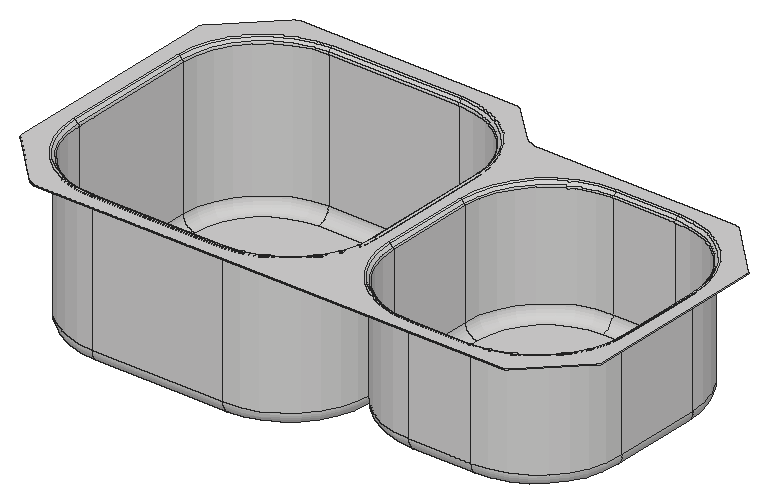
Revit family "Sink-Kitchen-KOHLER-Undertone-K-3356", category Plumbing Fixtures, host Face, Revit 2015
Parameters (values of type "Kitchen Sink, NA-Stainless")
  Width = 20 1/8"  # constant formula
  Waste Water Outlet = "Waste Water Outlet"  # constant formula
  Waste Connection = 1 = 1  # yes
  Vent Connection = 1 = 0  # no
  URL = "https://www.us.kohler.com/us/"
  Type = 1
  Rack [instance] = or(Type = 2)  # no
  Product Page URL = "http://www.us.kohler.com/us/catalog/productDetails.jsp?productNumber=3356"
  Product Name = "Undertone"  # constant formula
  Product Documentation Link = "http://www.us.kohler.com/onlinecatalog/pdf/K-3356_spec.pdf"
  Model = if(Type = 1, "K-3356-NA", if(Type = 2, "K-3356-HCF-NA", "NA"))  # "K-3356-NA"
  Material = "18-Gauge Stainless Steel"  # constant formula
  MasterFormat 2004 = "22.41.16"  # constant formula
  MasterFormat 1995 = "15410"  # constant formula
  Manufacturer Address = "444 Highland Dr, Kohler, WI 53044"  # constant formula
  Manufacturer = "KOHLER Co."  # constant formula
  Length = 35 1/8"  # constant formula
  Hot Water Inlet = "Hot Water Inlet"  # constant formula
  Height = 9 3/4"  # constant formula
  HW Connection = 1 = 0  # no
  Finish = Kohler-Metal-NA-Stainless
  Environmental Product Declaration = ""
  Drain Included = 1 = 0  # no
  Description = if(Type = 1, "35-1/8 inch x 20-1/8 inch x 9-3/4 inch under-mount extra large/medium double-bowl kitchen sink", if(Type = 2, "Preserve 35-1/8 inch x 20-1/8 inch x 9-3/4 inch under-mount extra large/medium double-bowl kitchen sink", "NA"))  # "35-1/8 inch x 20-1/8 inch x 9-3/4 inch under-mount extra large/medium double-bowl kitchen sink"
  Default Elevation = 36"
  Declare Label = ""
  Date Modified = "12/14/2018"  # constant formula
  Date Created = "12/14/2018"  # constant formula
  Copyright = "Copyright KOHLER Co."  # constant formula
  Contact Us = "https://www.us.kohler.com/us/static/contact.jsp"
  Cold Water Inlet = "Cold Water Inlet"  # constant formula
  CW Connection = 1 = 0  # no
  Assembly Code = "D2010400"
  ADA Compliant = 1 = 0  # no
Reference planes (in)
  plane 1 "Center (Front/Back)": y = 0
  plane 2: z = 0
  plane 3 "Center (Left/Right)": x = 0
  plane 4: x = -27.125
  plane 5: x = 8
  plane 6: y = 11.3125
  plane 7: y = -8.8125
  plane 8: z = -10.702
  plane 9: z = -8.702
  plane 10: x = -17.0625
  plane 11: y = 8.8125
  plane 12: y = 4.74048
  plane 13: z = -0.952
Forms (in)
  Extrusion 1, void
    sketch origin (0, 0, 0) x (1, 0, 0) y (0, 1, 0)
      loop
        arc (-23.68179, 11.3125) -> (-23.86443, 11.27617) -> (-24.01927, 11.17271) r 0.47727
        line (-24.01927, 11.17271) -> (-26.99216, 8.19982)
        arc (-26.99216, 8.19982) -> (-27.09048, 8.05268) -> (-27.125, 7.87912) r 0.45355
        line (-27.125, 7.87912) -> (-27.125, -5.36847)
        arc (-27.125, -5.36847) -> (-27.08851, -5.55191) -> (-26.9846, -5.70743) r 0.47937
        line (-26.9846, -5.70743) -> (-24.00565, -8.68638)
        arc (-24.00565, -8.68638) -> (-23.86595, -8.77972) -> (-23.70116, -8.8125) r 0.43061
        line (-23.70116, -8.8125) -> (4.54841, -8.8125)
        arc (4.54841, -8.8125) -> (4.73975, -8.77444) -> (4.90196, -8.66605) r 0.5
        line (4.90196, -8.66605) -> (7.86041, -5.7076)
        arc (7.86041, -5.7076) -> (7.96372, -5.55299) -> (8, -5.37061) r 0.47658
        line (8, -5.37061) -> (8, 5.37005)
        arc (8, 5.37005) -> (7.96363, 5.55291) -> (7.86004, 5.70793) r 0.47784
        line (7.86004, 5.70793) -> (4.88523, 8.68274)
        arc (4.88523, 8.68274) -> (4.74151, 8.77878) -> (4.57197, 8.8125) r 0.44302
        line (4.57197, 8.8125) -> (-7.30321, 8.8125)
        arc (-7.30321, 8.8125) -> (-7.87723, 8.92668) -> (-8.36387, 9.25184) r 1.5
        line (-8.36387, 9.25184) -> (-10.286, 11.17397)
        arc (-10.286, 11.17397) -> (-10.43944, 11.2765) -> (-10.62044, 11.3125) r 0.47297
        line (-10.62044, 11.3125) -> (-23.68179, 11.3125)
    from -13.5173 to -0.952
  Extrusion 2, void
    sketch origin (0, 0, 0) x (1, 0, 0) y (0, 1, 0)
      loop
        arc (-20.99924, 10.07379) -> (-24.45493, 8.6424) -> (-25.88633, 5.18671) r 4.88709
        line (-25.88633, 5.18671) -> (-25.88633, -2.68675)
        arc (-25.88633, -2.68675) -> (-24.45493, -6.14244) -> (-20.99924, -7.57384) r 4.88709
        line (-20.99924, -7.57384) -> (-13.12576, -7.57384) -> (1.87617, -7.57384)
        arc (1.87617, -7.57384) -> (5.39036, -6.11821) -> (6.84598, -2.60403) r 4.96981
        line (6.84598, -2.60403) -> (6.84598, 2.68867)
        arc (6.84598, 2.68867) -> (5.39036, 6.20286) -> (1.87617, 7.65848) r 4.96981
        line (1.87617, 7.65848) -> (-7.03507, 7.65848)
        arc (-7.03507, 7.65848) -> (-8.5096, 7.94018) -> (-9.77644, 8.74559) r 4
        arc (-9.77644, 8.74559) -> (-11.32423, 9.72962) -> (-13.12576, 10.07379) r 4.88709
        line (-13.12576, 10.07379) -> (-20.99924, 10.07379)
    from -0.952 to 0.63812
Dimensions and locks (in)
  "Width": plane 6 to plane 7
  "Length": plane 4 to plane 5
  locked: plane 11 to plane 1 "Center (Front/Back)" at 8.8125
  locked: plane 4 to plane 10 at 10.0625
  plane 6 to plane 12 = 6.57202"
  plane 11 to plane 7 = 17 5/8"
  plane 10 to plane 3 "Center (Left/Right)" = 17 1/16"
  plane 13 to plane 9 = 7 3/4"
  "Height": plane 13 to plane 8
  nested 1 to plane 6 = 11 5/16"
  aligned and locked: plane 2 to host face
  aligned and locked: level to host face
Automatic sketch dimensions
  host sketch curve to host sketch curve = 96"  (x2)
  Extrusion 1 sketch curve to plane 4 = 0"
  Extrusion 1 sketch curve to plane 7 = 0"
  Extrusion 1 sketch curve to plane 6 = 0"
  Extrusion 1 sketch curve to plane 11 = 0"
  Extrusion 1 sketch curve to plane 5 = 0"
  plane 4 to Extrusion 1 sketch curve = 0.13284"
  plane 4 to Extrusion 1 sketch curve = 0.1404"
  Extrusion 1 sketch curve to Extrusion 1 sketch curve = 0.32071"
  Extrusion 1 sketch curve to Extrusion 1 sketch curve = 0.47937"
  Extrusion 1 sketch curve to plane 6 = 0.13979"
  plane 4 to Extrusion 1 sketch curve = 3.10573"
  plane 7 to Extrusion 1 sketch curve = 0.12612"
  plane 4 to Extrusion 1 sketch curve = 3.11935"
  Extrusion 1 sketch curve to Extrusion 1 sketch curve = 0.30449"
  Extrusion 1 sketch curve to Extrusion 1 sketch curve = 0.33748"
  plane 10 to Extrusion 1 sketch curve = 6.44206"
  Extrusion 1 sketch curve to plane 6 = 0.13853"
  Extrusion 1 sketch curve to Extrusion 1 sketch curve = 0.33444"
  plane 11 to Extrusion 1 sketch curve = 0.43934"
  Extrusion 1 sketch curve to Extrusion 1 sketch curve = 1.92213"
  Extrusion 1 sketch curve to Extrusion 1 sketch curve = 1.06066"
  Extrusion 1 sketch curve to plane 5 = 3.45159"
  Extrusion 1 sketch curve to plane 11 = 0.44302"
  Extrusion 1 sketch curve to plane 5 = 3.42803"
  Extrusion 1 sketch curve to plane 11 = 0.12976"
  plane 7 to Extrusion 1 sketch curve = 0.14645"
  Extrusion 1 sketch curve to Extrusion 1 sketch curve = 0.35355"
  Extrusion 1 sketch curve to plane 5 = 0.47784"
  Extrusion 1 sketch curve to plane 5 = 0.47658"
  Extrusion 1 sketch curve to plane 5 = 0.13996"
  Extrusion 1 sketch curve to plane 5 = 0.13959"
  plane 7 to Extrusion 1 sketch curve = 3.1049"
  plane 7 to Extrusion 1 sketch curve = 3.10507"
  plane 12 to Extrusion 1 sketch curve = 0.62957"
  Extrusion 1 sketch curve to plane 11 = 0.93338"
  plane 4 to Extrusion 2 sketch curve = 1.23867"
  plane 1 "Center (Front/Back)" to Extrusion 2 sketch curve = 2.68675"
  plane 12 to Extrusion 2 sketch curve = 0.44623"  (x2)
  Extrusion 2 sketch curve to plane 10 = 3.93674"
  plane 10 to Extrusion 2 sketch curve = 3.93674"  (x2)
  Extrusion 2 sketch curve to plane 11 = 1.15402"
  Extrusion 2 sketch curve to Extrusion 2 sketch curve = 6.09069"
  plane 3 "Center (Left/Right)" to Extrusion 2 sketch curve = 1.87617"  (x2)
  Extrusion 2 sketch curve to plane 5 = 1.15402"
  plane 6 to Extrusion 2 sketch curve = 0.34598"
  plane 7 to Extrusion 2 sketch curve = 1.23866"
Nested families (in)
  nested 1: "K-3356" at (0, 0, -0.952), type "K-3356"
Connectors (in)
  piping at (-17.0625, 4.6875, -13.5173), diameter 1.5, driven by "Waste Connection", driven by "Waste Water Outlet"
    settings: on nested 1, index 1, connector inside diameter 24", connector length 0", flow factor 0, pipe flow 0 GPM, pressure drop 0.00 psi, fitting loss kfactor 0, connector angle 0.00°, fixture units 0, engagement length 0", angle of deflection 0.00°, flow configuration 0, flow direction 2, fitting loss method 0, system type 16, joint type 0, gender type 0, connector reference index -1, connector utility 1, adjustable connector no, is connector primary yes, connector description "Waste Water Outlet"
  piping at (0, 0, -11.45208), diameter 1.5, driven by "Waste Connection", driven by "Waste Water Outlet"
    settings: on nested 1, index 2, connector inside diameter 24", connector length 0", flow factor 0, pipe flow 0 GPM, pressure drop 0.00 psi, fitting loss kfactor 0, connector angle 0.00°, fixture units 0, engagement length 0", angle of deflection 0.00°, flow configuration 0, flow direction 2, fitting loss method 0, system type 16, joint type 0, gender type 0, connector reference index -1, connector utility 1, adjustable connector no, is connector primary no, connector description "Waste Water Outlet"
Definition of nested family "K-3356"
  Parameters (values of type "K-3356")
    Rack = yes
    Material = none
  Reference planes (in)
    plane 1 "Center (Front/Back)": y = 0
    plane 2: z = 0
    plane 3 "Center (Left/Right)": x = 0
    plane 4: y = 8.8125
    plane 5: y = -8.8125
    plane 6: y = 11.3125
    plane 7: x = -27.125
    plane 8: x = -17.0625
    plane 9: x = 8
    plane 10: y = 7.6875
    plane 11: y = 10.1875
    plane 12: z = -9.75
    plane 13: z = -7.75
    plane 14: y = 4.6875
  Forms (in)
    Sweep 1, solid, material <- "Material", detail levels medium+fine
      path origin (0, 0, 0) x (1, 0, 0) y (0, 1, 0)
        loop
          arc (-21, 10.1875) -> (-24.53553, 8.72303) -> (-26, 5.1875) r 5
          line (-26, 5.1875) -> (-26, -2.6875)
          arc (-26, -2.6875) -> (-24.53553, -6.22303) -> (-21, -7.6875) r 5
          line (-21, -7.6875) -> (-13.125, -7.6875)
          arc (-13.125, -7.6875) -> (-9.58947, -6.22303) -> (-8.125, -2.6875) r 5
          line (-8.125, -2.6875) -> (-8.125, 5.1875)
          arc (-8.125, 5.1875) -> (-9.58947, 8.72303) -> (-13.125, 10.1875) r 5
          line (-13.125, 10.1875) -> (-21, 10.1875)
      profile origin (-17.0625, 10.1875, 0) x (0, 1, 0) y (0, 0, 1)
        loop
          line (-0.11368, -0.31466) -> (-0.11368, -8.52517)
          arc (-0.11368, -8.52517) -> (-0.33334, -9.0555) -> (-0.86368, -9.27517) r 0.75
          line (-0.86368, -9.27517) -> (-4.60903, -9.27517) -> (-4.60903, -9.44486) -> (-0.73172, -9.33601)
          arc (-0.73172, -9.33601) -> (-0.17737, -9.0926) -> (0.05039, -8.53164) r 0.80469
          line (0.05039, -8.53164) -> (0.05039, -0.31529)
          arc (0.05039, -0.31529) -> (0.05871, -0.27343) -> (0.08242, -0.23795) r 0.10938
          line (0.08242, -0.23795) -> (0.24262, -0.07775)
          arc (0.24262, -0.07775) -> (0.27557, -0.05573) -> (0.31444, -0.048) r 0.10156
          line (0.31444, -0.048) -> (0.52054, -0.048) -> (0.52054, 0) -> (0.20422, 0)
          arc (0.20422, 0) -> (0.14143, -0.01249) -> (0.08821, -0.04805) r 0.16406
          line (0.08821, -0.04805) -> (-0.06791, -0.20417)
          arc (-0.06791, -0.20417) -> (-0.10178, -0.25486) -> (-0.11368, -0.31466) r 0.15625
    Sweep 2, solid, material <- "Material", detail levels medium+fine
      path origin (0, 0, 0) x (1, 0, 0) y (0, 1, 0)
        loop
          arc (-1.875, 7.6875) -> (-5.41053, 6.22303) -> (-6.875, 2.6875) r 5
          line (-6.875, 2.6875) -> (-6.875, -2.6875)
          arc (-6.875, -2.6875) -> (-5.41053, -6.22303) -> (-1.875, -7.6875) r 5
          line (-1.875, -7.6875) -> (1.875, -7.6875)
          arc (1.875, -7.6875) -> (5.41053, -6.22303) -> (6.875, -2.6875) r 5
          line (6.875, -2.6875) -> (6.875, 2.6875)
          arc (6.875, 2.6875) -> (5.41053, 6.22303) -> (1.875, 7.6875) r 5
          line (1.875, 7.6875) -> (-1.875, 7.6875)
      profile origin (0, 7.6875, 0) x (0, 1, 0) y (0, 0, 1)
        loop
          line (-0.02902, -0.31223) -> (-0.02902, -6.6022)
          arc (-0.02902, -6.6022) -> (-0.24869, -7.13253) -> (-0.77902, -7.3522) r 0.75
          line (-0.77902, -7.3522) -> (-4.48797, -7.3522) -> (-4.48797, -7.48932) -> (-0.73287, -7.39459)
          arc (-0.73287, -7.39459) -> (-0.17777, -7.15226) -> (0.05048, -6.59123) r 0.80362
          line (0.05048, -6.59123) -> (0.05048, -0.3144)
          arc (0.05048, -0.3144) -> (0.05866, -0.27327) -> (0.08196, -0.2384) r 0.10749
          line (0.08196, -0.2384) -> (0.24217, -0.07819)
          arc (0.24217, -0.07819) -> (0.27561, -0.05585) -> (0.31505, -0.048) r 0.10307
          line (0.31505, -0.048) -> (0.52393, -0.048) -> (0.52393, 0) -> (0.28445, 0)
          arc (0.28445, 0) -> (0.22576, -0.01167) -> (0.176, -0.04492) r 0.15337
          line (0.176, -0.04492) -> (0.01502, -0.2059)
          arc (0.01502, -0.2059) -> (-0.01758, -0.25469) -> (-0.02902, -0.31223) r 0.15038
    Extrusion 3, solid, material <- "Material", detail levels medium+fine
      sketch origin (0, 0, 0) x (1, 0, 0) y (0, 1, 0)
        loop
          arc (-23.6837, 11.3125) -> (-23.86458, 11.27652) -> (-24.01792, 11.17406) r 0.47266
          line (-24.01792, 11.17406) -> (-26.98656, 8.20542)
          arc (-26.98656, 8.20542) -> (-27.08902, 8.05208) -> (-27.125, 7.8712) r 0.47266
          line (-27.125, 7.8712) -> (-27.125, -5.37125)
          arc (-27.125, -5.37125) -> (-27.08902, -5.55212) -> (-26.98656, -5.70546) r 0.47266
          line (-26.98656, -5.70546) -> (-24.01796, -8.67406)
          arc (-24.01796, -8.67406) -> (-23.86462, -8.77652) -> (-23.68375, -8.8125) r 0.47266
          line (-23.68375, -8.8125) -> (4.55974, -8.8125)
          arc (4.55974, -8.8125) -> (4.74061, -8.77652) -> (4.89395, -8.67406) r 0.47266
          line (4.89395, -8.67406) -> (7.86156, -5.70645)
          arc (7.86156, -5.70645) -> (7.96402, -5.55311) -> (8, -5.37224) r 0.47266
          line (8, -5.37224) -> (8, 5.37219)
          arc (8, 5.37219) -> (7.96402, 5.55307) -> (7.86156, 5.70641) r 0.47266
          line (7.86156, 5.70641) -> (4.89391, 8.67406)
          arc (4.89391, 8.67406) -> (4.74057, 8.77652) -> (4.55969, 8.8125) r 0.47266
          line (4.55969, 8.8125) -> (-7.29594, 8.8125)
          arc (-7.29594, 8.8125) -> (-7.87668, 8.92802) -> (-8.369, 9.25698) r 1.51754
          line (-8.369, 9.25698) -> (-10.28588, 11.17385)
          arc (-10.28588, 11.17385) -> (-10.43945, 11.27647) -> (-10.6206, 11.3125) r 0.47337
          line (-10.6206, 11.3125) -> (-23.6837, 11.3125)
        loop
          arc (-21, 10.38801) -> (-24.67732, 8.86482) -> (-26.20051, 5.1875) r 5.20051
          line (-26.20051, 5.1875) -> (-26.20051, -2.6875)
          arc (-26.20051, -2.6875) -> (-24.67732, -6.36482) -> (-21, -7.88801) r 5.20051
          line (-21, -7.88801) -> (-13.125, -7.88801)
          arc (-13.125, -7.88801) -> (-9.44768, -6.36482) -> (-7.92449, -2.6875) r 5.20051
          line (-7.92449, -2.6875) -> (-7.92449, 5.1875)
          arc (-7.92449, 5.1875) -> (-9.44768, 8.86482) -> (-13.125, 10.38801) r 5.20051
          line (-13.125, 10.38801) -> (-21, 10.38801)
        loop
          line (-7.39893, 2.6875) -> (-7.39893, -2.6875)
          arc (-7.39893, -2.6875) -> (-5.781, -6.5935) -> (-1.875, -8.21143) r 5.52393
          line (-1.875, -8.21143) -> (1.875, -8.21143)
          arc (1.875, -8.21143) -> (5.781, -6.5935) -> (7.39893, -2.6875) r 5.52393
          line (7.39893, -2.6875) -> (7.39893, 2.6875)
          arc (7.39893, 2.6875) -> (5.781, 6.5935) -> (1.875, 8.21143) r 5.52393
          line (1.875, 8.21143) -> (-1.875, 8.21143)
          arc (-1.875, 8.21143) -> (-5.781, 6.5935) -> (-7.39893, 2.6875) r 5.52393
      from -0.048 to 0
    Extrusion 4, solid, material <- "Material", detail levels medium+fine
      sketch origin (0, 0, 0) x (1, 0, 0) y (0, 1, 0)
        loop
          line (-21.39097, 5.1875) -> (-21.39097, -2.6875)
          arc (-21.39097, -2.6875) -> (-21.27646, -2.96396) -> (-21, -3.07847) r 0.39097
          line (-21, -3.07847) -> (-13.125, -3.07847)
          arc (-13.125, -3.07847) -> (-12.84854, -2.96396) -> (-12.73403, -2.6875) r 0.39097
          line (-12.73403, -2.6875) -> (-12.73403, 5.1875)
          arc (-12.73403, 5.1875) -> (-12.84854, 5.46396) -> (-13.125, 5.57847) r 0.39097
          line (-13.125, 5.57847) -> (-21, 5.57847)
          arc (-21, 5.57847) -> (-21.27646, 5.46396) -> (-21.39097, 5.1875) r 0.39097
      from -9.44486 to -9.27517
    Extrusion 5, solid, material <- "Material", detail levels medium+fine
      sketch origin (0, 0, 0) x (1, 0, 0) y (0, 1, 0)
        loop
          line (-2.38703, 2.6875) -> (-2.38703, -2.6875)
          arc (-2.38703, -2.6875) -> (-2.23706, -3.04956) -> (-1.875, -3.19953) r 0.51203
          line (-1.875, -3.19953) -> (1.875, -3.19953)
          arc (1.875, -3.19953) -> (2.23706, -3.04956) -> (2.38703, -2.6875) r 0.51203
          line (2.38703, -2.6875) -> (2.38703, 2.6875)
          arc (2.38703, 2.6875) -> (2.23706, 3.04956) -> (1.875, 3.19953) r 0.51203
          line (1.875, 3.19953) -> (-1.875, 3.19953)
          arc (-1.875, 3.19953) -> (-2.23706, 3.04956) -> (-2.38703, 2.6875) r 0.51203
      from -7.48932 to -7.3522
    Revolve 6, solid, material <- "Material", detail levels medium+fine
      sketch origin (0, 4.6875, 0) x (1, 0, 0) y (0, 0, 1)
        loop
          arc (-18.45821, -10.49381) -> (-18.52275, -10.46806) -> (-18.55185, -10.40495) r 0.09377
          line (-18.55185, -10.40495) -> (-18.58392, -9.79302)
          arc (-18.58392, -9.79302) -> (-18.63113, -9.6906) -> (-18.73589, -9.64881) r 0.15218
          line (-18.73589, -9.64881) -> (-19.31706, -9.64881)
          arc (-19.31706, -9.64881) -> (-19.33811, -9.64375) -> (-19.35458, -9.62969) r 0.04637
          line (-19.35458, -9.62969) -> (-19.385, -9.58781)
          arc (-19.385, -9.58781) -> (-19.4007, -9.57152) -> (-19.42024, -9.56013) r 0.08203
          line (-19.42024, -9.56013) -> (-20.11502, -9.27517) -> (-20.24565, -9.27517) -> (-20.24565, -9.44486) -> (-20.1755, -9.44486) -> (-19.46313, -9.59752)
          arc (-19.46313, -9.59752) -> (-19.43563, -9.60895) -> (-19.41405, -9.62945) r 0.08187
          line (-19.41405, -9.62945) -> (-19.367, -9.69421)
          arc (-19.367, -9.69421) -> (-19.3475, -9.71371) -> (-19.32293, -9.72623) r 0.08813
          line (-19.32293, -9.72623) -> (-19.24977, -9.75) -> (-18.74362, -9.75) -> (-18.74362, -9.83569) -> (-19.31047, -9.83569) -> (-19.31047, -10.45828)
          arc (-19.31047, -10.45828) -> (-19.30153, -10.47987) -> (-19.27995, -10.48881) r 0.03053
          line (-19.27995, -10.48881) -> (-18.95983, -10.48881)
          arc (-18.95983, -10.48881) -> (-18.91786, -10.50619) -> (-18.90047, -10.54817) r 0.05936
          line (-18.90047, -10.54817) -> (-18.90047, -10.61995)
          arc (-18.90047, -10.61995) -> (-18.89202, -10.64036) -> (-18.87162, -10.64881) r 0.02885
          line (-18.87162, -10.64881) -> (-18.74362, -10.64881) -> (-18.74362, -10.93316) -> (-18.70087, -10.97591)
          arc (-18.70087, -10.97591) -> (-18.68197, -11.0463) -> (-18.62479, -11.0915) r 0.11592
          line (-18.62479, -11.0915) -> (-18.23888, -11.23196)
          arc (-18.23888, -11.23196) -> (-18.06274, -11.36712) -> (-17.99597, -11.57886) r 0.36917
          line (-17.99597, -11.57886) -> (-17.99597, -11.96981) -> (-18.13047, -11.96981) -> (-18.13047, -12.28062) -> (-17.98474, -12.53305)
          arc (-17.98474, -12.53305) -> (-17.96222, -12.55556) -> (-17.93145, -12.56381) r 0.06152
          line (-17.93145, -12.56381) -> (-17.0625, -12.56381) -> (-17.0625, -9.50205)
          arc (-17.0625, -9.50205) -> (-17.20174, -9.5145) -> (-17.33657, -9.55147) r 0.78472
          arc (-17.33657, -9.55147) -> (-17.36847, -9.60747) -> (-17.31902, -9.64881) r 0.05025
          line (-17.31902, -9.64881) -> (-17.20897, -9.64881) -> (-17.20897, -10.30381) -> (-17.30212, -10.30381)
          arc (-17.30212, -10.30381) -> (-17.32995, -10.31533) -> (-17.34147, -10.34316) r 0.03936
          line (-17.34147, -10.34316) -> (-17.34147, -10.49381) -> (-18.45821, -10.49381)
        axis (-17.0625, -9.27517) -> (-17.0625, -12.56381)
      angle from 0 to 360
    Extrusion 7, void
      sketch origin (0, 0, 0) x (1, 0, 0) y (0, 1, 0)
        loop
          circle (-17.0625, 4.6875) r 3.113
      from -11.02381 to -8.15697
    Extrusion 8, void
      sketch origin (0, 0, 0) x (1, 0, 0) y (0, 1, 0)
        loop
          circle (-17.0625, 5.32646) r 0.09558
        loop
          circle (-17.0625, 5.65465) r 0.09558
        loop
          circle (-17.38198, 5.24086) r 0.09558
        loop
          circle (-17.61586, 5.00698) r 0.09558
        loop
          circle (-17.36137, 5.60732) r 0.09558
        loop
          circle (-17.63098, 5.46994) r 0.09558
        loop
          circle (-17.84494, 5.25598) r 0.09558
        loop
          circle (-17.98232, 4.98637) r 0.09558
        loop
          circle (-16.42354, 4.6875) r 0.09558
        loop
          circle (-16.09535, 4.6875) r 0.09558
        loop
          circle (-16.50914, 5.00698) r 0.09558
        loop
          circle (-16.74302, 5.24086) r 0.09558
        loop
          circle (-16.14268, 4.98637) r 0.09558
        loop
          circle (-16.28006, 5.25598) r 0.09558
        loop
          circle (-16.49402, 5.46994) r 0.09558
        loop
          circle (-16.76363, 5.60732) r 0.09558
        loop
          circle (-17.0625, 4.04854) r 0.09558
        loop
          circle (-17.0625, 3.72035) r 0.09558
        loop
          circle (-16.74302, 4.13414) r 0.09558
        loop
          circle (-16.50914, 4.36802) r 0.09558
        loop
          circle (-16.76363, 3.76768) r 0.09558
        loop
          circle (-16.49402, 3.90506) r 0.09558
        loop
          circle (-16.28006, 4.11902) r 0.09558
        loop
          circle (-16.14268, 4.38863) r 0.09558
        loop
          circle (-17.70146, 4.6875) r 0.09558
        loop
          circle (-18.02965, 4.6875) r 0.09558
        loop
          circle (-17.61586, 4.36802) r 0.09558
        loop
          circle (-17.38198, 4.13414) r 0.09558
        loop
          circle (-17.98232, 4.38863) r 0.09558
        loop
          circle (-17.84494, 4.11902) r 0.09558
        loop
          circle (-17.63098, 3.90506) r 0.09558
        loop
          circle (-17.36137, 3.76768) r 0.09558
        loop
          circle (-17.0625, 5.96722) r 0.09558
        loop
          circle (-17.0625, 3.40778) r 0.09558
        loop
          circle (-15.78278, 4.6875) r 0.09558
        loop
          circle (-18.34222, 4.6875) r 0.09558
        loop
          circle (-17.34726, 5.93514) r 0.09558
        loop
          circle (-17.61774, 5.84049) r 0.09558
        loop
          circle (-17.86039, 5.68803) r 0.09558
        loop
          circle (-18.06302, 5.4854) r 0.09558
        loop
          circle (-18.21548, 5.24276) r 0.09558
        loop
          circle (-18.31013, 4.97228) r 0.09558
        loop
          circle (-17.34726, 3.43986) r 0.09558
        loop
          circle (-17.61774, 3.53451) r 0.09558
        loop
          circle (-17.86039, 3.68697) r 0.09558
        loop
          circle (-18.06302, 3.8896) r 0.09558
        loop
          circle (-18.21548, 4.13224) r 0.09558
        loop
          circle (-18.31013, 4.40272) r 0.09558
        loop
          circle (-16.77774, 3.43986) r 0.09558
        loop
          circle (-16.50726, 3.53451) r 0.09558
        loop
          circle (-16.26461, 3.68697) r 0.09558
        loop
          circle (-16.06198, 3.8896) r 0.09558
        loop
          circle (-15.90952, 4.13224) r 0.09558
        loop
          circle (-15.81487, 4.40272) r 0.09558
        loop
          circle (-16.77774, 5.93514) r 0.09558
        loop
          circle (-16.50726, 5.84049) r 0.09558
        loop
          circle (-16.26461, 5.68803) r 0.09558
        loop
          circle (-16.06198, 5.4854) r 0.09558
        loop
          circle (-15.90952, 5.24276) r 0.09558
        loop
          circle (-15.81487, 4.97228) r 0.09558
      from -10.76105 to -8.07591
    Revolve 9, solid, material <- "Material", detail levels medium+fine
      sketch origin (17.0625, 0, 2.06656) x (1, 0, 0) y (0, 0, 1)
        loop
          arc (-18.45821, -10.49381) -> (-18.52275, -10.46806) -> (-18.55185, -10.40495) r 0.09377
          line (-18.55185, -10.40495) -> (-18.58392, -9.79302)
          arc (-18.58392, -9.79302) -> (-18.63113, -9.6906) -> (-18.73589, -9.64881) r 0.15218
          line (-18.73589, -9.64881) -> (-19.31706, -9.64881)
          arc (-19.31706, -9.64881) -> (-19.33811, -9.64375) -> (-19.35458, -9.62969) r 0.04637
          line (-19.35458, -9.62969) -> (-19.385, -9.58781)
          arc (-19.385, -9.58781) -> (-19.4007, -9.57152) -> (-19.42024, -9.56013) r 0.08203
          line (-19.42024, -9.56013) -> (-20.1789, -9.41875) -> (-20.38933, -9.41875) -> (-20.38933, -9.51649) -> (-19.46313, -9.59752)
          arc (-19.46313, -9.59752) -> (-19.43563, -9.60895) -> (-19.41405, -9.62945) r 0.08187
          line (-19.41405, -9.62945) -> (-19.367, -9.69421)
          arc (-19.367, -9.69421) -> (-19.3475, -9.71371) -> (-19.32293, -9.72623) r 0.08813
          line (-19.32293, -9.72623) -> (-19.04493, -9.81656) -> (-18.74362, -9.81656) -> (-18.74362, -9.89881) -> (-19.31047, -9.89881) -> (-19.31047, -10.45828)
          arc (-19.31047, -10.45828) -> (-19.30153, -10.47987) -> (-19.27995, -10.48881) r 0.03053
          line (-19.27995, -10.48881) -> (-18.95983, -10.48881)
          arc (-18.95983, -10.48881) -> (-18.91786, -10.50619) -> (-18.90047, -10.54817) r 0.05936
          line (-18.90047, -10.54817) -> (-18.90047, -10.61995)
          arc (-18.90047, -10.61995) -> (-18.89202, -10.64036) -> (-18.87162, -10.64881) r 0.02885
          line (-18.87162, -10.64881) -> (-18.74362, -10.64881) -> (-18.74362, -10.93316) -> (-18.70087, -10.97591)
          arc (-18.70087, -10.97591) -> (-18.68197, -11.0463) -> (-18.62479, -11.0915) r 0.11592
          line (-18.62479, -11.0915) -> (-18.23888, -11.23196)
          arc (-18.23888, -11.23196) -> (-18.06274, -11.36712) -> (-17.99597, -11.57886) r 0.36917
          line (-17.99597, -11.57886) -> (-17.99597, -11.96981) -> (-18.13047, -11.96981) -> (-18.13047, -12.28062) -> (-17.98474, -12.53305)
          arc (-17.98474, -12.53305) -> (-17.96222, -12.55556) -> (-17.93145, -12.56381) r 0.06152
          line (-17.93145, -12.56381) -> (-17.0625, -12.56381) -> (-17.0625, -9.50205)
          arc (-17.0625, -9.50205) -> (-17.20278, -9.51432) -> (-17.3386, -9.55147) r 0.78472
          arc (-17.3386, -9.55147) -> (-17.3705, -9.60747) -> (-17.32105, -9.64881) r 0.05025
          line (-17.32105, -9.64881) -> (-17.211, -9.64881) -> (-17.211, -10.30381) -> (-17.30415, -10.30381)
          arc (-17.30415, -10.30381) -> (-17.33198, -10.31533) -> (-17.3435, -10.34316) r 0.03936
          line (-17.3435, -10.34316) -> (-17.3435, -10.49381) -> (-18.45821, -10.49381)
        axis (-17.0625, -9.41875) -> (-17.0625, -12.56381)
      angle from 0 to 360
    Extrusion 10, void
      sketch origin (17.0625, -4.6875, 2.06656) x (1, 0, 0) y (0, 1, 0)
        loop
          circle (-17.0625, 5.32646) r 0.09558
        loop
          circle (-17.0625, 5.65465) r 0.09558
        loop
          circle (-17.38198, 5.24086) r 0.09558
        loop
          circle (-17.61586, 5.00698) r 0.09558
        loop
          circle (-17.36137, 5.60732) r 0.09558
        loop
          circle (-17.63098, 5.46994) r 0.09558
        loop
          circle (-17.84494, 5.25598) r 0.09558
        loop
          circle (-17.98232, 4.98637) r 0.09558
        loop
          circle (-16.42354, 4.6875) r 0.09558
        loop
          circle (-16.09535, 4.6875) r 0.09558
        loop
          circle (-16.50914, 5.00698) r 0.09558
        loop
          circle (-16.74302, 5.24086) r 0.09558
        loop
          circle (-16.14268, 4.98637) r 0.09558
        loop
          circle (-16.28006, 5.25598) r 0.09558
        loop
          circle (-16.49402, 5.46994) r 0.09558
        loop
          circle (-16.76363, 5.60732) r 0.09558
        loop
          circle (-17.0625, 4.04854) r 0.09558
        loop
          circle (-17.0625, 3.72035) r 0.09558
        loop
          circle (-16.74302, 4.13414) r 0.09558
        loop
          circle (-16.50914, 4.36802) r 0.09558
        loop
          circle (-16.76363, 3.76768) r 0.09558
        loop
          circle (-16.49402, 3.90506) r 0.09558
        loop
          circle (-16.28006, 4.11902) r 0.09558
        loop
          circle (-16.14268, 4.38863) r 0.09558
        loop
          circle (-17.70146, 4.6875) r 0.09558
        loop
          circle (-18.02965, 4.6875) r 0.09558
        loop
          circle (-17.61586, 4.36802) r 0.09558
        loop
          circle (-17.38198, 4.13414) r 0.09558
        loop
          circle (-17.98232, 4.38863) r 0.09558
        loop
          circle (-17.84494, 4.11902) r 0.09558
        loop
          circle (-17.63098, 3.90506) r 0.09558
        loop
          circle (-17.36137, 3.76768) r 0.09558
        loop
          circle (-17.0625, 5.96722) r 0.09558
        loop
          circle (-17.0625, 3.40778) r 0.09558
        loop
          circle (-15.78278, 4.6875) r 0.09558
        loop
          circle (-18.34222, 4.6875) r 0.09558
        loop
          circle (-17.34726, 5.93514) r 0.09558
        loop
          circle (-17.61774, 5.84049) r 0.09558
        loop
          circle (-17.86039, 5.68803) r 0.09558
        loop
          circle (-18.06302, 5.4854) r 0.09558
        loop
          circle (-18.21548, 5.24276) r 0.09558
        loop
          circle (-18.31013, 4.97228) r 0.09558
        loop
          circle (-17.34726, 3.43986) r 0.09558
        loop
          circle (-17.61774, 3.53451) r 0.09558
        loop
          circle (-17.86039, 3.68697) r 0.09558
        loop
          circle (-18.06302, 3.8896) r 0.09558
        loop
          circle (-18.21548, 4.13224) r 0.09558
        loop
          circle (-18.31013, 4.40272) r 0.09558
        loop
          circle (-16.77774, 3.43986) r 0.09558
        loop
          circle (-16.50726, 3.53451) r 0.09558
        loop
          circle (-16.26461, 3.68697) r 0.09558
        loop
          circle (-16.06198, 3.8896) r 0.09558
        loop
          circle (-15.90952, 4.13224) r 0.09558
        loop
          circle (-15.81487, 4.40272) r 0.09558
        loop
          circle (-16.77774, 5.93514) r 0.09558
        loop
          circle (-16.50726, 5.84049) r 0.09558
        loop
          circle (-16.26461, 5.68803) r 0.09558
        loop
          circle (-16.06198, 5.4854) r 0.09558
        loop
          circle (-15.90952, 5.24276) r 0.09558
        loop
          circle (-15.81487, 4.97228) r 0.09558
      from -10.76105 to -8.07591
    Extrusion 11, void
      sketch origin (0, 0, 0) x (1, 0, 0) y (0, 1, 0)
        loop
          circle (0, 0) r 3.1164
      from -9.23672 to -6.12104
    Sweep 12, solid, material <- "Material", visible <- "Rack", detail levels medium+fine
      path origin (-55.40149, 1.18469, -8.70557) x (1, 0, 0) y (0, 1, 0)
        loop
          line (29.68274, 3.90625) -> (29.68274, -3.90625)
          arc (29.68274, -3.90625) -> (31.07398, -7.26501) -> (34.43274, -8.65625) r 4.75
          line (34.43274, -8.65625) -> (42.24524, -8.65625)
          arc (42.24524, -8.65625) -> (45.604, -7.26501) -> (46.99524, -3.90625) r 4.75
          line (46.99524, -3.90625) -> (46.99524, 3.90625)
          arc (46.99524, 3.90625) -> (45.604, 7.26501) -> (42.24524, 8.65625) r 4.75
          line (42.24524, 8.65625) -> (34.43274, 8.65625)
          arc (34.43274, 8.65625) -> (31.07398, 7.26501) -> (29.68274, 3.90625) r 4.75
      profile origin (-25.71875, 1.18469, -8.70557) x (1, 0, 0) y (0, 0, 1)
        loop
          circle (0.0939, 0) r 0.0939
    Extrusion 13, solid, material <- "Material", visible <- "Rack", detail levels medium+fine
      sketch origin (-55.40149, 1.18469, -8.70557) x (0, 1, 0) y (0, 0, 1)
        loop
          circle (3.50302, -0.14673) r 0.05277
        loop
          circle (2.78983, -0.14673) r 0.05277
        loop
          circle (2.07682, -0.14673) r 0.05277
        loop
          circle (1.36381, -0.14673) r 0.05277
        loop
          circle (0.65079, -0.14673) r 0.05277
        loop
          circle (-0.06221, -0.14673) r 0.05277
        loop
          circle (-0.77522, -0.14673) r 0.05277
        loop
          circle (-1.48821, -0.14673) r 0.05277
        loop
          circle (-2.20121, -0.14673) r 0.05277
        loop
          circle (-2.91421, -0.14673) r 0.05277
        loop
          circle (-3.62721, -0.14673) r 0.05277
        loop
          circle (-4.34021, -0.14673) r 0.05277
        loop
          circle (4.21786, -0.14673) r 0.05277
      from 29.78969 to 46.8933
    Sweep 14, solid, material <- "Material", visible <- "Rack", detail levels medium+fine
      path origin (-55.40149, 1.18469, -8.70557) x (1, 0, 0) y (0, 1, 0)
        loop
          circle (38.33899, 3.50281) r 2.18719
      profile origin (-17.0625, 6.87469, -8.70557) x (0, -1, 0) y (0, 0, 1)
        loop
          circle (0.09485, 0) r 0.09485
    Extrusion 15, solid, material <- "Material", visible <- "Rack", detail levels medium+fine
      sketch origin (-55.40149, 1.18469, -8.70557) x (0, 1, 0) y (0, 0, 1)
        loop
          circle (4.92879, -0.14673) r 0.05277
        loop
          circle (-5.05317, -0.14673) r 0.05277
      from 30.00372 to 46.67836
    Extrusion 16, solid, material <- "Material", visible <- "Rack", detail levels medium+fine
      sketch origin (-55.40149, 1.18469, -8.70557) x (0, 1, 0) y (0, 0, 1)
        loop
          circle (5.64179, -0.14673) r 0.05277
        loop
          circle (-5.76617, -0.14673) r 0.05277
      from 30.22051 to 46.46156
    Extrusion 17, solid, material <- "Material", visible <- "Rack", detail levels medium+fine
      sketch origin (-55.40149, 1.18469, -8.70557) x (0, 1, 0) y (0, 0, 1)
        loop
          circle (6.35479, -0.14673) r 0.05277
        loop
          circle (-6.47917, -0.14673) r 0.05277
      from 30.59006 to 46.09201
    Extrusion 18, solid, material <- "Material", visible <- "Rack", detail levels medium+fine
      sketch origin (-55.40149, 1.18469, -8.70557) x (0, 1, 0) y (0, 0, 1)
        loop
          circle (7.06779, -0.14673) r 0.05277
        loop
          circle (-7.19217, -0.14673) r 0.05277
      from 31.16867 to 45.5134
    Extrusion 19, solid, material <- "Material", visible <- "Rack", detail levels medium+fine
      sketch origin (-55.40149, 1.18469, -8.70557) x (0, 1, 0) y (0, 0, 1)
        loop
          circle (-7.90517, -0.14673) r 0.05277
        loop
          circle (7.78079, -0.14673) r 0.05277
      from 32.12859 to 44.55348
    Sweep 20, solid, material <- "Material", visible <- "Rack", detail levels medium+fine
      path origin (-19.2792, 1.18469, -8.61067) x (0, 1, 0) y (0, 0, 1)
        loop
          line (8.57133, -0.27928) -> (7.86884, -0.38143)
          arc (7.86884, -0.38143) -> (7.83044, -0.38561) -> (7.79182, -0.387) r 0.53526
          line (7.79182, -0.387) -> (-7.91968, -0.387)
          arc (-7.91968, -0.387) -> (-7.97034, -0.3846) -> (-8.02055, -0.37741) r 0.53516
          line (-8.02055, -0.37741) -> (-8.53911, -0.27788)
      profile origin (-19.2792, 1.12076, -8.99767) x (0, 0, -1) y (1, 0, 0)
        loop
          circle (0, 0.09284) r 0.09284
    Sweep 21, solid, material <- "Material", visible <- "Rack", detail levels medium+fine
      path origin (-14.8458, 1.18469, -8.61067) x (0, 1, 0) y (0, 0, -1)
        loop
          line (8.57133, 0.27928) -> (7.86884, 0.38143)
          arc (7.86884, 0.38143) -> (7.83044, 0.38561) -> (7.79182, 0.387) r 0.53526
          line (7.79182, 0.387) -> (-7.91968, 0.387)
          arc (-7.91968, 0.387) -> (-7.97034, 0.3846) -> (-8.02055, 0.37741) r 0.53516
          line (-8.02055, 0.37741) -> (-8.53911, 0.27788)
      profile origin (-14.8458, 1.12076, -8.99767) x (0, 0, 1) y (-1, 0, 0)
        loop
          circle (0, 0.09284) r 0.09284
    Extrusion 22, solid, material <- "Material", visible <- "Rack", detail levels medium+fine
      sketch origin (-55.40149, 1.14208, -8.70557) x (0, 1, 0) y (0, 0, 1)
        loop
          circle (8.57386, 0) r 0.34375
      from 38.05023 to 38.63271
    Extrusion 23, solid, material <- "Material", visible <- "Rack", detail levels medium+fine
      sketch origin (-55.40149, 1.2273, -8.70557) x (0, -1, 0) y (0, 0, -1)
        loop
          circle (8.57386, 0) r 0.34375
      from 38.05023 to 38.63271
    Extrusion 24, solid, material <- "Material", visible <- "Rack", detail levels medium+fine
      sketch origin (-17.19886, 43.74073, -8.70557) x (1, 0, 0) y (0, 0, 1)
        loop
          circle (8.57386, 0) r 0.34375
      from 38.05023 to 38.63271
    Extrusion 25, solid, material <- "Material", visible <- "Rack", detail levels medium+fine
      sketch origin (-16.92614, 43.74073, -8.70557) x (-1, 0, 0) y (0, 0, -1)
        loop
          circle (8.57386, 0) r 0.34375
      from 38.05023 to 38.63271
    Extrusion 26, solid, material <- "Material", visible <- "Rack", detail levels medium+fine
      sketch origin (-16.92614, -41.37135, -8.70557) x (-1, 0, 0) y (0, 0, 1)
        loop
          circle (8.57386, 0) r 0.34375
      from 37.92384 to 38.50382
    Extrusion 27, solid, material <- "Material", visible <- "Rack", detail levels medium+fine
      sketch origin (-17.19886, -41.37135, -8.70557) x (1, 0, 0) y (0, 0, -1)
        loop
          circle (8.57386, 0) r 0.34375
      from 37.92384 to 38.50382
    Sweep 28, solid, material <- "Material", visible <- "Rack", detail levels medium+fine
      path origin (-38.33899, 0, -6.8352) x (1, 0, 0) y (0, 1, 0)
        loop
          arc (36.46399, 7.4375) -> (33.10523, 6.04626) -> (31.71399, 2.6875) r 4.75
          line (31.71399, 2.6875) -> (31.71399, -2.6875)
          arc (31.71399, -2.6875) -> (33.10523, -6.04626) -> (36.46399, -7.4375) r 4.75
          line (36.46399, -7.4375) -> (40.21399, -7.4375)
          arc (40.21399, -7.4375) -> (43.57275, -6.04626) -> (44.96399, -2.6875) r 4.75
          line (44.96399, -2.6875) -> (44.96399, 2.6875)
          arc (44.96399, 2.6875) -> (43.57275, 6.04626) -> (40.21399, 7.4375) r 4.75
          line (40.21399, 7.4375) -> (36.46399, 7.4375)
      profile origin (0, 7.4375, -6.8352) x (0, 1, 0) y (0, 0, 1)
        loop
          circle (-0.09337, 0) r 0.09337
    Extrusion 29, solid, material <- "Material", visible <- "Rack", detail levels medium+fine
      sketch origin (-38.33899, 0, -6.8352) x (0, 1, 0) y (0, 0, 1)
        loop
          circle (0, -0.14673) r 0.05277
        loop
          circle (0.71055, -0.14673) r 0.05277
        loop
          circle (1.43014, -0.14673) r 0.05277
        loop
          circle (2.13997, -0.14673) r 0.05277
        loop
          circle (2.84957, -0.14673) r 0.05277
        loop
          circle (3.55997, -0.14673) r 0.05277
        loop
          circle (-0.71014, -0.14673) r 0.05277
        loop
          circle (-1.42973, -0.14673) r 0.05277
        loop
          circle (-2.13956, -0.14673) r 0.05277
        loop
          circle (-2.84916, -0.14673) r 0.05277
        loop
          circle (-3.55997, -0.14673) r 0.05277
      from 31.82918 to 44.85182
    Extrusion 30, solid, material <- "Material", visible <- "Rack", detail levels medium+fine
      sketch origin (-38.33899, 0, -6.8352) x (0, 1, 0) y (0, 0, 1)
        loop
          circle (4.27997, -0.14673) r 0.05277
        loop
          circle (-4.27997, -0.14673) r 0.05277
      from 32.07717 to 44.60383
    Extrusion 31, solid, material <- "Material", visible <- "Rack", detail levels medium+fine
      sketch origin (-38.33899, 0, -6.8352) x (0, 1, 0) y (0, 0, 1)
        loop
          circle (4.98997, -0.14673) r 0.05277
        loop
          circle (-4.98997, -0.14673) r 0.05277
      from 32.36771 to 44.3133
    Extrusion 32, solid, material <- "Material", visible <- "Rack", detail levels medium+fine
      sketch origin (-38.33899, 0, -6.8352) x (0, 1, 0) y (0, 0, 1)
        loop
          circle (5.69997, -0.14673) r 0.05277
        loop
          circle (-5.69997, -0.14673) r 0.05277
      from 32.83073 to 43.85027
    Extrusion 33, solid, material <- "Material", visible <- "Rack", detail levels medium+fine
      sketch origin (-38.33899, 0, -6.8352) x (0, 1, 0) y (0, 0, 1)
        loop
          circle (6.40436, -0.14673) r 0.05277
        loop
          circle (-6.40436, -0.14673) r 0.05277
      from 33.63647 to 42.99718
    Sweep 34, solid, material <- "Material", visible <- "Rack", detail levels medium+fine
      path origin (-38.33899, 0, 0) x (1, 0, 0) y (0, 1, 0)
        loop
          circle (38.33899, 0) r 2.1965
      profile origin (0, 2.1965, 0) x (0, -1, 0) y (0, 0, 1)
        loop
          circle (0.09375, -6.8352) r 0.09375
    Sweep 35, solid, material <- "Material", visible <- "Rack", detail levels medium+fine
      path origin (-2.12349, -0.00183, -6.64752) x (0, 1, 0) y (0, 0, 1)
        loop
          line (7.31941, -0.2798) -> (6.50689, -0.38148)
          arc (6.50689, -0.38148) -> (6.46277, -0.38561) -> (6.41848, -0.38699) r 0.71198
          line (6.41848, -0.38699) -> (-6.41854, -0.38699)
          arc (-6.41854, -0.38699) -> (-6.46277, -0.38562) -> (-6.50682, -0.38149) r 0.71094
          line (-6.50682, -0.38149) -> (-7.31941, -0.2798)
      profile origin (-2.12349, -0.00187, -7.03451) x (0, 0, -1) y (1, 0, 0)
        loop
          circle (0.09375, 0) r 0.09375
    Sweep 36, solid, material <- "Material", visible <- "Rack", detail levels medium+fine
      path origin (2.12349, -0.00183, -6.64752) x (0, 1, 0) y (0, 0, -1)
        loop
          line (7.31941, 0.2798) -> (6.50689, 0.38148)
          arc (6.50689, 0.38148) -> (6.46277, 0.38561) -> (6.41848, 0.38699) r 0.71198
          line (6.41848, 0.38699) -> (-6.41854, 0.38699)
          arc (-6.41854, 0.38699) -> (-6.46277, 0.38562) -> (-6.50682, 0.38149) r 0.71094
          line (-6.50682, 0.38149) -> (-7.31941, 0.2798)
      profile origin (2.12349, -0.00187, -7.03451) x (0, 0, 1) y (-1, 0, 0)
        loop
          circle (-0.09375, 0) r 0.09375
    Extrusion 37, solid, material <- "Material", visible <- "Rack", detail levels medium+fine
      sketch origin (-38.53684, -3.91826, -6.8352) x (0.992546, 0.121869, 0) y (0, 0, 1)
        loop
          circle (31.93274, 0) r 0.34375
      from 3.3 to 3.88289
    Extrusion 38, solid, material <- "Material", visible <- "Rack", detail levels medium+fine
      sketch origin (38.53684, -3.91826, -6.8352) x (-0.992546, 0.121869, 0) y (0, 0, -1)
        loop
          circle (31.93274, 0) r 0.34375
      from 3.3 to 3.88289
    Extrusion 39, solid, material <- "Material", visible <- "Rack", detail levels medium+fine
      sketch origin (-38.53684, 3.91826, -6.8352) x (0.992546, -0.121869, 0) y (0, 0, -1)
        loop
          circle (31.93274, 0) r 0.34375
      from 3.3 to 3.88289
    Extrusion 40, solid, material <- "Material", visible <- "Rack", detail levels medium+fine
      sketch origin (38.53684, 3.91826, -6.8352) x (-0.992546, -0.121869, 0) y (0, 0, 1)
        loop
          circle (31.93274, 0) r 0.34375
      from 3.3 to 3.88289
    Extrusion 41, void
      sketch origin (0, 0, -8.58057) x (1, 0, 0) y (0, 1, 0)
        loop
          circle (-17.0625, 4.6875) r 2.09196
      from -0.72318 to 0.42415
    Extrusion 42, void
      sketch origin (0, 0, 0) x (1, 0, 0) y (0, 1, 0)
        loop
          circle (0, 0) r 2.12712
      from -7.29382 to -6.4893
    Extrusion 43, solid, material <- "Material", detail levels coarse
      sketch origin (0, 0, 0) x (1, 0, 0) y (0, 1, 0)
        loop
          line (-23.87948, 11.3125) -> (-27.125, 8.06698) -> (-27.125, -5.56703) -> (-23.87953, -8.8125) -> (4.75552, -8.8125) -> (8, -5.56802) -> (8, 5.56797) -> (4.75547, 8.8125) -> (-7.92453, 8.8125) -> (-10.42453, 11.3125) -> (-23.87948, 11.3125)
      from -0.048 to 0
    Extrusion 44, solid, material <- "Material", detail levels coarse
      sketch origin (0, 0, 0) x (1, 0, 0) y (0, 1, 0)
        loop
          line (-23.03212, 10.07379) -> (-26.05039, 7.05553) -> (-26.05039, -4.57469) -> (-23.05124, -7.57384) -> (-11.07376, -7.57384) -> (-8.07461, -4.57469) -> (-8.07461, 7.05086) -> (-11.09754, 10.07379) -> (-23.03212, 10.07379)
      from -9.75 to 0
    Extrusion 45, solid, material <- "Material", detail levels coarse
      sketch origin (0, 0, 0) x (1, 0, 0) y (0, 1, 0)
        loop
          line (-3.95, 7.65848) -> (-6.92548, 4.683) -> (-6.92548, -4.683) -> (-3.95, -7.65848) -> (3.95, -7.65848) -> (6.92548, -4.683) -> (6.92548, 4.683) -> (3.95, 7.65848) -> (-3.95, 7.65848)
      from -7.75 to 0
    Extrusion 46, void
      sketch origin (0, 0, 0) x (1, 0, 0) y (0, 1, 0)
        loop
          line (-25.85117, 6.97301) -> (-25.85117, -4.49217) -> (-22.96872, -7.37462) -> (-11.15628, -7.37462) -> (-8.27383, -4.49217) -> (-8.27383, 6.96834) -> (-11.18006, 9.87457) -> (-22.94961, 9.87457) -> (-25.85117, 6.97301)
      from -9.44486 to 2.4011
    Extrusion 47, void
      sketch origin (0, 0, 0) x (1, 0, 0) y (0, 1, 0)
        loop
          line (3.86749, 7.45926) -> (-3.86749, 7.45926) -> (-6.72626, 4.60049) -> (-6.72626, -4.60049) -> (-3.86749, -7.45926) -> (3.86749, -7.45926) -> (6.72626, -4.60049) -> (6.72626, 4.60049) -> (3.86749, 7.45926)
      from -7.48932 to 1.02436
    Extrusion 48, solid, material <- "Material", detail levels coarse
      sketch origin (0, 0, 0) x (1, 0, 0) y (0, 1, 0)
        loop
          circle (-17.0625, 4.6875) r 2.22517
      from -12.55274 to -9.75
    Extrusion 49, solid, material <- "Material", detail levels coarse
      sketch origin (0, 0, 0) x (1, 0, 0) y (0, 1, 0)
        loop
          circle (0, 0) r 2.22656
      from -10.54627 to -7.75
    Extrusion 50, solid, material <- "Material", detail levels medium+fine
      sketch origin (0, 0, 0) x (1, 0, 0) y (0, 1, 0)
        loop
          circle (-17.0625, 4.6875) r 0.75
      from -12.5653 to -12.44827
    Extrusion 51, solid, material <- "Material", detail levels medium+fine
      sketch origin (0, 0, 0) x (1, 0, 0) y (0, 1, 0)
        loop
          circle (0, 0) r 0.75
      from -10.50008 to -10.34594
  Cuts and joins
    Extrusion 7, Extrusion 10 cuts Sweep 1
    Extrusion 11 cuts Sweep 2
    Extrusion 7, Extrusion 10 cuts Extrusion 4
    Extrusion 11 cuts Extrusion 5
    Extrusion 8, Extrusion 10 cuts Revolve 6
    Extrusion 10 cuts Revolve 9
    joined: Sweep 1, Sweep 2, Extrusion 3, Extrusion 4, Extrusion 5, Revolve 6, Revolve 9
    Extrusion 41 cuts Extrusion 13
    Extrusion 41 cuts Extrusion 15
    Extrusion 42 cuts Extrusion 29
    joined: Sweep 12, Extrusion 13, Extrusion 15, Extrusion 16, Extrusion 17, Extrusion 18, Extrusion 19, Sweep 20, Sweep 21, Extrusion 22, Extrusion 23, Extrusion 24, Extrusion 25, Extrusion 26, Extrusion 27, Sweep 28, Extrusion 29, Extrusion 30, Extrusion 31, Extrusion 32, Extrusion 33, Sweep 34, Extrusion 37, Extrusion 38, Extrusion 39, Extrusion 40
    joined: Sweep 14, Sweep 35, Sweep 36
    Extrusion 46, Extrusion 47 cuts Extrusion 43
    Extrusion 46 cuts Extrusion 44
    Extrusion 47 cuts Extrusion 45
    joined: Extrusion 43, Extrusion 44, Extrusion 45, Extrusion 48, Extrusion 49
  Lines and regions (in)
    Masking region 1
      outline origin (0, 0, 0) x (1, 0, 0) y (0, 0, 1)
        loop
          line (-27.125, -0.048) -> (-26.31537, -0.048)
          arc (-26.31537, -0.048) -> (-26.27564, -0.0559) -> (-26.24196, -0.0784) r 0.10381
          line (-26.24196, -0.0784) -> (-26.08186, -0.23851)
          arc (-26.08186, -0.23851) -> (-26.05857, -0.27337) -> (-26.05039, -0.31449) r 0.10746
          line (-26.05039, -0.31449) -> (-26.05039, -8.53437)
          arc (-26.05039, -8.53437) -> (-25.8221, -9.09588) -> (-25.26676, -9.33879) r 0.80469
          arc (-25.26676, -9.33879) -> (-22.75498, -9.39458) -> (-20.24283, -9.43043) r 316.3598
          line (-20.24283, -9.43043) -> (-19.46313, -9.59752)
          arc (-19.46313, -9.59752) -> (-19.43563, -9.60895) -> (-19.41405, -9.62945) r 0.08187
          line (-19.41405, -9.62945) -> (-19.367, -9.69421)
          arc (-19.367, -9.69421) -> (-19.3475, -9.71371) -> (-19.32293, -9.72623) r 0.08813
          line (-19.32293, -9.72623) -> (-19.24977, -9.75) -> (-18.74362, -9.75) -> (-18.74362, -9.83569) -> (-19.31047, -9.83569) -> (-19.31047, -10.45828)
          arc (-19.31047, -10.45828) -> (-19.30153, -10.47987) -> (-19.27995, -10.48881) r 0.03053
          line (-19.27995, -10.48881) -> (-18.95983, -10.48881)
          arc (-18.95983, -10.48881) -> (-18.91786, -10.50619) -> (-18.90047, -10.54817) r 0.05936
          line (-18.90047, -10.54817) -> (-18.90047, -10.61995)
          arc (-18.90047, -10.61995) -> (-18.89202, -10.64036) -> (-18.87162, -10.64881) r 0.02885
          line (-18.87162, -10.64881) -> (-18.74362, -10.64881) -> (-18.74362, -10.93316) -> (-18.70087, -10.97591)
          arc (-18.70087, -10.97591) -> (-18.68197, -11.0463) -> (-18.62479, -11.0915) r 0.11592
          line (-18.62479, -11.0915) -> (-18.23888, -11.23196)
          arc (-18.23888, -11.23196) -> (-18.06274, -11.36712) -> (-17.99597, -11.57886) r 0.36917
          line (-17.99597, -11.57886) -> (-17.99597, -11.96981) -> (-18.13047, -11.96981) -> (-18.13047, -12.28062) -> (-17.98474, -12.53305)
          arc (-17.98474, -12.53305) -> (-17.96222, -12.55556) -> (-17.93145, -12.56381) r 0.06152
          line (-17.93145, -12.56381) -> (-16.19355, -12.56381)
          arc (-16.19355, -12.56381) -> (-16.16278, -12.55556) -> (-16.14026, -12.53305) r 0.06152
          line (-16.14026, -12.53305) -> (-15.99453, -12.28062) -> (-15.99453, -11.96981) -> (-16.12903, -11.96981) -> (-16.12903, -11.57886)
          arc (-16.12903, -11.57886) -> (-16.06226, -11.36712) -> (-15.88612, -11.23196) r 0.36917
          line (-15.88612, -11.23196) -> (-15.50021, -11.0915)
          arc (-15.50021, -11.0915) -> (-15.44303, -11.0463) -> (-15.42413, -10.97591) r 0.11592
          line (-15.42413, -10.97591) -> (-15.38138, -10.93316) -> (-15.38138, -10.64881) -> (-15.25338, -10.64881)
          arc (-15.25338, -10.64881) -> (-15.23298, -10.64036) -> (-15.22453, -10.61995) r 0.02885
          line (-15.22453, -10.61995) -> (-15.22453, -10.54817)
          arc (-15.22453, -10.54817) -> (-15.20714, -10.50619) -> (-15.16517, -10.48881) r 0.05936
          line (-15.16517, -10.48881) -> (-14.84505, -10.48881)
          arc (-14.84505, -10.48881) -> (-14.82347, -10.47987) -> (-14.81453, -10.45828) r 0.03053
          line (-14.81453, -10.45828) -> (-14.81453, -9.83569) -> (-15.38138, -9.83569) -> (-15.38138, -9.75) -> (-14.87523, -9.75) -> (-14.80207, -9.72623)
          arc (-14.80207, -9.72623) -> (-14.7775, -9.71371) -> (-14.758, -9.69421) r 0.08813
          line (-14.758, -9.69421) -> (-14.71095, -9.62945)
          arc (-14.71095, -9.62945) -> (-14.68937, -9.60895) -> (-14.66187, -9.59752) r 0.08187
          line (-14.66187, -9.59752) -> (-13.88217, -9.43043)
          arc (-13.88217, -9.43043) -> (-11.41028, -9.39531) -> (-8.93874, -9.34088) r 316.3598
          arc (-8.93874, -9.34088) -> (-8.33172, -9.12803) -> (-8.07461, -8.53839) r 0.80469
          line (-8.07461, -8.53839) -> (-8.07461, -0.31449)
          arc (-8.07461, -0.31449) -> (-8.06643, -0.27337) -> (-8.04314, -0.23851) r 0.10746
          line (-8.04314, -0.23851) -> (-7.88304, -0.0784)
          arc (-7.88304, -0.0784) -> (-7.84936, -0.0559) -> (-7.80963, -0.048) r 0.10381
          line (-7.80963, -0.048) -> (-7.18925, -0.048)
          arc (-7.18925, -0.048) -> (-7.15055, -0.0557) -> (-7.11774, -0.07762) r 0.10113
          line (-7.11774, -0.07762) -> (-6.95893, -0.23643)
          arc (-6.95893, -0.23643) -> (-6.93417, -0.27348) -> (-6.92548, -0.31719) r 0.11421
          line (-6.92548, -0.31719) -> (-6.92548, -6.5735)
          arc (-6.92548, -6.5735) -> (-6.70381, -7.12813) -> (-6.16094, -7.37719) r 0.80469
          arc (-6.16094, -7.37719) -> (-4.45633, -7.45053) -> (-2.75088, -7.50032) r 123.49077
          line (-2.75088, -7.50032) -> (-2.40063, -7.53097)
          arc (-2.40063, -7.53097) -> (-2.37313, -7.54239) -> (-2.35155, -7.5629) r 0.08187
          line (-2.35155, -7.5629) -> (-2.3045, -7.62766)
          arc (-2.3045, -7.62766) -> (-2.285, -7.64715) -> (-2.26043, -7.65967) r 0.08813
          line (-2.26043, -7.65967) -> (-1.98243, -7.75) -> (-1.68112, -7.75) -> (-1.68112, -7.83225) -> (-2.24797, -7.83225) -> (-2.24797, -8.39172)
          arc (-2.24797, -8.39172) -> (-2.23903, -8.41331) -> (-2.21745, -8.42225) r 0.03053
          line (-2.21745, -8.42225) -> (-1.89733, -8.42225)
          arc (-1.89733, -8.42225) -> (-1.85536, -8.43963) -> (-1.83797, -8.48161) r 0.05936
          line (-1.83797, -8.48161) -> (-1.83797, -8.5534)
          arc (-1.83797, -8.5534) -> (-1.82952, -8.5738) -> (-1.80912, -8.58225) r 0.02885
          line (-1.80912, -8.58225) -> (-1.68112, -8.58225) -> (-1.68112, -8.86661) -> (-1.63837, -8.90936)
          arc (-1.63837, -8.90936) -> (-1.61947, -8.97975) -> (-1.56229, -9.02494) r 0.11592
          line (-1.56229, -9.02494) -> (-1.17638, -9.1654)
          arc (-1.17638, -9.1654) -> (-1.00024, -9.30056) -> (-0.93347, -9.5123) r 0.36917
          line (-0.93347, -9.5123) -> (-0.93347, -9.90325) -> (-1.06797, -9.90325) -> (-1.06797, -10.21406) -> (-0.92224, -10.46649)
          arc (-0.92224, -10.46649) -> (-0.89972, -10.48901) -> (-0.86895, -10.49725) r 0.06152
          line (-0.86895, -10.49725) -> (0.86895, -10.49725)
          arc (0.86895, -10.49725) -> (0.89972, -10.48901) -> (0.92224, -10.46649) r 0.06152
          line (0.92224, -10.46649) -> (1.06797, -10.21406) -> (1.06797, -9.90325) -> (0.93347, -9.90325) -> (0.93347, -9.5123)
          arc (0.93347, -9.5123) -> (1.00024, -9.30056) -> (1.17638, -9.1654) r 0.36917
          line (1.17638, -9.1654) -> (1.56229, -9.02494)
          arc (1.56229, -9.02494) -> (1.61947, -8.97975) -> (1.63837, -8.90936) r 0.11592
          line (1.63837, -8.90936) -> (1.68112, -8.86661) -> (1.68112, -8.58225) -> (1.80912, -8.58225)
          arc (1.80912, -8.58225) -> (1.82952, -8.5738) -> (1.83797, -8.5534) r 0.02885
          line (1.83797, -8.5534) -> (1.83797, -8.48161)
          arc (1.83797, -8.48161) -> (1.85536, -8.43963) -> (1.89733, -8.42225) r 0.05936
          line (1.89733, -8.42225) -> (2.21745, -8.42225)
          arc (2.21745, -8.42225) -> (2.23903, -8.41331) -> (2.24797, -8.39172) r 0.03053
          line (2.24797, -8.39172) -> (2.24797, -7.83225) -> (1.68112, -7.83225) -> (1.68112, -7.75) -> (1.98243, -7.75) -> (2.26043, -7.65967)
          arc (2.26043, -7.65967) -> (2.285, -7.64715) -> (2.3045, -7.62766) r 0.08813
          line (2.3045, -7.62766) -> (2.35155, -7.5629)
          arc (2.35155, -7.5629) -> (2.37313, -7.54239) -> (2.40063, -7.53097) r 0.08187
          line (2.40063, -7.53097) -> (2.75088, -7.50032)
          arc (2.75088, -7.50032) -> (4.45633, -7.45053) -> (6.16094, -7.37719) r 123.49077
          arc (6.16094, -7.37719) -> (6.70381, -7.12813) -> (6.92548, -6.5735) r 0.80469
          line (6.92548, -6.5735) -> (6.92548, -0.31719)
          arc (6.92548, -0.31719) -> (6.93417, -0.27348) -> (6.95893, -0.23643) r 0.11421
          line (6.95893, -0.23643) -> (7.11774, -0.07762)
          arc (7.11774, -0.07762) -> (7.15055, -0.0557) -> (7.18925, -0.048) r 0.10113
          line (7.18925, -0.048) -> (8, -0.048) -> (8, 0) -> (-27.125, 0) -> (-27.125, -0.048)
    Masking region 2
      outline origin (0, 0, 0) x (0, 1, 0) y (0, 0, 1)
        loop
          line (-8.8125, -0.048) -> (-8.00216, -0.048)
          arc (-8.00216, -0.048) -> (-7.96313, -0.05576) -> (-7.93004, -0.07787) r 0.10199
          line (-7.93004, -0.07787) -> (-7.76805, -0.23986)
          arc (-7.76805, -0.23986) -> (-7.74576, -0.27322) -> (-7.73793, -0.31258) r 0.10285
          line (-7.73793, -0.31258) -> (-7.73793, -8.53231)
          arc (-7.73793, -8.53231) -> (-7.50228, -9.10123) -> (-6.93336, -9.33689) r 0.80457
          arc (-6.93336, -9.33689) -> (-3.93733, -9.40302) -> (-0.94079, -9.43952) r 302.93131
          arc (-0.94079, -9.43952) -> (-0.93531, -9.47589) -> (-0.93347, -9.51264) r 0.36917
          line (-0.93347, -9.51264) -> (-0.93347, -9.90358) -> (-1.06797, -9.90358) -> (-1.06797, -10.21439) -> (-0.92224, -10.46682)
          arc (-0.92224, -10.46682) -> (-0.89972, -10.48934) -> (-0.86895, -10.49758) r 0.06152
          line (-0.86895, -10.49758) -> (0.86895, -10.49758)
          arc (0.86895, -10.49758) -> (0.89972, -10.48934) -> (0.92224, -10.46682) r 0.06152
          line (0.92224, -10.46682) -> (1.06797, -10.21439) -> (1.06797, -9.90358) -> (0.93347, -9.90358) -> (0.93347, -9.51264)
          arc (0.93347, -9.51264) -> (0.93493, -9.47983) -> (0.93931, -9.44728) r 0.36917
          arc (0.93931, -9.44728) -> (1.26249, -9.44744) -> (1.58567, -9.44725) r 302.93131
          line (1.58567, -9.44725) -> (2.28687, -9.59752)
          arc (2.28687, -9.59752) -> (2.31437, -9.60895) -> (2.33595, -9.62945) r 0.08187
          line (2.33595, -9.62945) -> (2.383, -9.69421)
          arc (2.383, -9.69421) -> (2.4025, -9.71371) -> (2.42707, -9.72623) r 0.08813
          line (2.42707, -9.72623) -> (2.50023, -9.75) -> (3.00638, -9.75) -> (3.00638, -9.83569) -> (2.43953, -9.83569) -> (2.43953, -10.45828)
          arc (2.43953, -10.45828) -> (2.44847, -10.47987) -> (2.47005, -10.48881) r 0.03053
          line (2.47005, -10.48881) -> (2.79017, -10.48881)
          arc (2.79017, -10.48881) -> (2.83214, -10.50619) -> (2.84953, -10.54817) r 0.05936
          line (2.84953, -10.54817) -> (2.84953, -10.61995)
          arc (2.84953, -10.61995) -> (2.85798, -10.64036) -> (2.87838, -10.64881) r 0.02885
          line (2.87838, -10.64881) -> (3.00638, -10.64881) -> (3.00638, -10.93316) -> (3.04913, -10.97591)
          arc (3.04913, -10.97591) -> (3.06803, -11.0463) -> (3.12521, -11.0915) r 0.11592
          line (3.12521, -11.0915) -> (3.51112, -11.23196)
          arc (3.51112, -11.23196) -> (3.68726, -11.36712) -> (3.75403, -11.57886) r 0.36917
          line (3.75403, -11.57886) -> (3.75403, -11.96981) -> (3.61953, -11.96981) -> (3.61953, -12.28062) -> (3.76526, -12.53305)
          arc (3.76526, -12.53305) -> (3.78778, -12.55556) -> (3.81855, -12.56381) r 0.06152
          line (3.81855, -12.56381) -> (5.55645, -12.56381)
